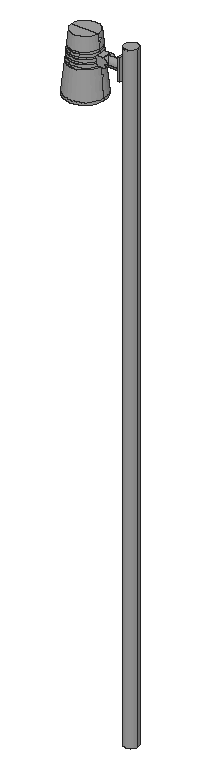
Revit family "Wax", category Lighting Fixtures, Revit 2014
Parameters (values of type "Wax")
  Wattage = 0 W
  WarrantyGuarantorParts = "n/a"
  WarrantyDurationParts = "n/a"
  WarrantyDescription = "n/a"
  built-in parameter 1150110 = 1 (stored number, unit not read)
  Version = "v.1.0"
  Uniclass2 = "Pr_70_70_49_43 Light-Emitting Diode (LED) Luminaires"
  Uniclass 1.4 = "JY73"
  URL = "http://riegens.com/wax"
  TotalWattage = "Max.  "
  built-in parameter 1114217 = 1 (stored number, unit not read)
  Tilt Angle = 90.00°
  built-in parameter 1150109 = 1 (stored number, unit not read)
  built-in parameter 1150134 = 12
  TagNumber = "n/a"
  SustainabilityPerformance = "n/a"
  built-in parameter 1150113 = 1 (stored number, unit not read)
  SupplyCircuitConductorConnections = "n/a"
  Size = "Ø174 mm"
  Shape = "Circle"
  ProductInformation = "http://riegens.com/wax"
  PhotometricPerformance = "In accordance with BS EN 13032-1"
  Photometric Web File = "generic"
  PhaseReference = "IEC recommendations"
  Optic = "Satin matt reflector, clear front glass and light distributions; Super narrow, narrow, flood and wide flood (tilt head)"
  Offset from floor = 2865 mm
  built-in parameter 1150142 = (empty or 0)
  NominalVoltage = "220-240V"
  ModelReference = "Wax"
  Model = "Wax"
  Material = "Aluminium and glass"
  ManufacturersSpecificInformation = "n/a"
  ManufacturerURL = "www.riegens.com"
  Manufacturer = "Riegens A/S"
  Lumens = 0 lm
  LuminaireType = "Outdoor Direct LED Luminaire"
  LuminairePowerFactor = ">0,9"
  built-in parameter 1150115 = 1 (stored number, unit not read)
  built-in parameter 1150105 = (empty or 0)
  LightSource = "LED 3000K / 4000K"
  LightFixturePlacingType = "Pole "
  LightFixtureMountingType = "Pole_side"
  built-in parameter 1150137 = (empty or 0)
  built-in parameter 1150139 = (empty or 0)
  LampType = "LED"
  LampColourRenderingIndex = "Ra>80"
  built-in parameter 1150112 = 1 (stored number, unit not read)
  built-in parameter 1150114 = 1 (stored number, unit not read)
  InternalFuse = "Only required in emergency versions"
  InsulationStandardClass = "Class 2"
  built-in parameter 1150132 = 2
  built-in parameter 1150102 = (empty or 0)
  built-in parameter 1150138 = (empty or 0)
  built-in parameter 1150107 = 4000 (stored number, unit not read)
  built-in parameter 1150106 = (empty or 0)
  IfcExportType = "NOTDEFINED'"
  IfcExportAs = "IfcLightFixtureType'"
  IP_Code = "IP65"
  Height 1 = 265 mm
  HasProtectiveEarth = "TRUE"
  Grade = "n/a"
  Frame = Riegens_Aluminum_powder coated grey
  Finish = "Powder coated"
  Features = "n/a"
  built-in parameter 1150104 = 13.8 (stored number, unit not read)
  Documentation = "See URL hyperlink"
  DocumentReference = "See URL hyperlink"
  Dimming Lamp Color Temperature Shift = <None>
  Diameter 2 = 174 mm
  Diameter 1 = 120 mm
  Description = "70-80-35 General Lighting Systems"
  ControlGearPosition = "Integrated "
  Constituents = "n/a"
  Colour = "Grey / black"
  Color Filter = 16777215
  CodePerformance = "n/a"
  CCSTopnode = "L"
  CCSClassName = "Belysningsarmatur"
  CCSClassCode = "UAC"
  BarCode = "n/a"
  BallastsCELMAEnergyEfficiencyIndex = "Class A1/A2"
  built-in parameter 1114218 = 1 (stored number, unit not read)
  BSAB 96 = "SNB.2"
  BIMObjectName = "Wax.rfa"
  Author = "3dbyggeri"
  built-in parameter 1150133 = 10 (stored number, unit not read)
  AssetType = "Moveable/Fixed"
  AssetIdentifier = "n/a"
  ArticleNumber = "See URL hyperlink"
  Apparent Load = 240 VA
  AccessibilityPerformance = "n/a"
Reference planes
  plane 1 "Light Source Axis (F/B)": y = 0
  plane 2: z = 0
  plane 3 "Light Source Axis (L/R)": x = 0
  plane 4 "Light Source Elevation": z = 2613.158
  plane 5: z = 2865
  plane 6: z = 2600
  plane 7: x = -59.928
  plane 8 "Backside": x = 60.072
  plane 9: x = 86.812
  plane 10: x = -87.188
  plane 11: z = 2790
  plane 12: z = 2750
  plane 13: z = 2820
  plane 14: z = 2720
  plane 15: x = 64.948
  plane 16: x = -65.298
  plane 17: x = 170
  plane 18: x = 180
  plane 19: y = -25
  plane 20: y = 25
  plane 21: x = 100
  plane 22: z = 2770
  plane 23: y = -22
  plane 24: y = 22
  plane 25: z = 2845
  plane 26: y = 0
Forms (mm)
  Revolve 1, solid, material "Riegens_Aluminum_powder coated grey" <- "Frame"
    sketch origin (0, 0, 0) x (1, 0, 0) y (0, 0, 1)
      loop
        line (0, 2865) -> (0, 2650) -> (65.135, 2650) -> (65.135, 2601.513) -> (66.937, 2600) -> (86.812, 2600) -> (86.812, 2609.964) -> (73.736, 2735) -> (70.746, 2735) -> (69.695, 2745) -> (72.685, 2745) -> (71.611, 2755.219) -> (68.611, 2755.219) -> (67.566, 2765.164) -> (70.566, 2765.164) -> (69.52, 2775.11) -> (66.52, 2775.11) -> (65.475, 2785.055) -> (68.475, 2785.055) -> (67.43, 2795) -> (64.44, 2795) -> (63.389, 2805) -> (66.379, 2805) -> (60.072, 2865) -> (0, 2865)
      axis (0, 2600) -> (0, 2865)
    angle from 0 to 360
  Extrusion 2, solid, material "Riegens_Glass_opal"
    sketch origin (0, 0, 0) x (1, 0, 0) y (0, 1, 0)
      loop
        circle (0, 0) r 64.928
    from 2600 to 2613.158
  Extrusion 3, solid, material "Riegens_Aluminum_powder coated grey" <- "Frame"
    sketch origin (0, 0, 0) x (1, 0, 0) y (0, 0, 1)
      loop
        line (170, 2820) -> (170, 2720) -> (180, 2720) -> (180, 2820) -> (170, 2820)
    from -25 to 25
  Extrusion 4, solid, material "Riegens_Aluminum_powder coated grey" <- "Frame"
    sketch origin (0, 0, 0) x (0, 1, 0) y (0, 0, 1)
      loop
        circle (0, 2770) r 20
    from 100 to 170
  Extrusion 5, solid, material "Riegens_Aluminum_powder coated grey" <- "Frame"
    sketch origin (0, 0, 0) x (1, 0, 0) y (0, 0, 1)
      loop
        arc (100, 2750) -> (120, 2770) -> (100, 2790) r 20
        line (100, 2790) -> (0, 2790) -> (0, 2750) -> (100, 2750)
    from -22 to 22
  Extrusion 6, solid
    sketch origin (0, 0, 0) x (0, 1, 0) y (0, 0, 1)
      loop
        circle (0, 2845) r 5
    from 59.948 to 64.948
Dimensions and locks
  "Height 1": plane 5 to plane 6
  "Diameter 1": plane 8 "Backside" to plane 7
  plane 8 "Backside" to imposter light to plane 7 = 60.072 mm, 59.928 mm locked
  "Diameter 2": plane 9 to plane 10
  plane 9 to imposter light to plane 10 = 86.812 mm locked, 87.188 mm
  locked: plane 5 to plane 13 at 45
  locked: plane 5 to plane 11 at 75
  locked: plane 5 to plane 12 at 115
  locked: plane 5 to plane 14 at 145
  locked: plane 9 to plane 15 at 21.865
  locked: plane 16 to plane 10 at 21.889
  plane 18 to plane 17 to imposter light = 10 mm locked, 170 mm locked
  plane 20 to plane 19 = 50 mm
  plane 20 to plane 1 "Light Source Axis (F/B)" to plane 19 = 25 mm locked, 25 mm locked
  locked: plane 18 to plane 21 at 80
  locked: plane 11 to plane 22 at 20
  plane 24 to plane 1 "Light Source Axis (F/B)" to plane 23 = 22 mm locked, 22 mm locked
  "Offset from floor": plane 5 to plane 2
  locked: plane 4 "Light Source Elevation" to plane 6 at 13.158
  locked: plane 5 to plane 25 at 20
  aligned and locked: plane 3 "Light Source Axis (L/R)" to imposter light
  aligned and locked: imposter light to plane 1 "Light Source Axis (F/B)"
  aligned and locked: plane 4 "Light Source Elevation" to imposter light
  aligned and locked: level to plane 2
  aligned and locked: imposter light to Revolve 1 sketch curve
  aligned and locked: Revolve 1 sketch curve to plane 6
  aligned and locked: Revolve 1 sketch curve to plane 5
  aligned and locked: Extrusion 2 to plane 6
  aligned and locked: Extrusion 2 to plane 4 "Light Source Elevation"
  aligned and locked: plane 14 to Extrusion 3 sketch curve
  aligned and locked: Extrusion 3 sketch curve to plane 13
  aligned and locked: plane 17 to Extrusion 3 sketch curve
  aligned and locked: Extrusion 3 sketch curve to plane 18
  aligned and locked: Extrusion 3 to plane 20
  aligned and locked: plane 19 to Extrusion 3
  aligned and locked: plane 17 to Extrusion 4
  aligned and locked: Extrusion 4 to plane 21
  aligned and locked: plane 3 "Light Source Axis (L/R)" to Extrusion 5 sketch curve
  aligned and locked: plane 12 to Extrusion 5 sketch curve
  aligned and locked: Extrusion 5 sketch curve to plane 11
  aligned and locked: Extrusion 5 to plane 24
  aligned and locked: plane 23 to Extrusion 5
  aligned and locked: plane 15 to Extrusion 6
Automatic sketch dimensions
  Revolve 1 sketch curve to plane 3 "Light Source Axis (L/R)" = 0 mm
  Revolve 1 sketch curve to plane 8 "Backside" = 0 mm
  Revolve 1 sketch curve to plane 9 = 0 mm
  plane 8 "Backside" to Revolve 1 sketch curve = 3.316 mm
  plane 8 "Backside" to Revolve 1 sketch curve = 4.367 mm
  plane 8 "Backside" to Revolve 1 sketch curve = 5.062 mm
  plane 8 "Backside" to Revolve 1 sketch curve = 5.403 mm
  Revolve 1 sketch curve to Revolve 1 sketch curve = 2.99 mm  (x4)
  plane 8 "Backside" to Revolve 1 sketch curve = 6.448 mm
  Revolve 1 sketch curve to Revolve 1 sketch curve = 1.803 mm
  plane 8 "Backside" to Revolve 1 sketch curve = 7.493 mm
  Revolve 1 sketch curve to Revolve 1 sketch curve = 3 mm  (x4)
  plane 8 "Backside" to Revolve 1 sketch curve = 8.538 mm
  plane 8 "Backside" to Revolve 1 sketch curve = 9.623 mm
  Revolve 1 sketch curve to Revolve 1 sketch curve = 1.051 mm
  Revolve 1 sketch curve to plane 12 = 5 mm
  Revolve 1 sketch curve to plane 6 = 1.513 mm
  plane 4 "Light Source Elevation" to Revolve 1 sketch curve = 3.195 mm
  Revolve 1 sketch curve to plane 4 "Light Source Elevation" = 36.842 mm
  Revolve 1 sketch curve to Revolve 1 sketch curve = 10 mm  (x2)
  plane 12 to Revolve 1 sketch curve = 5.219 mm
  Revolve 1 sketch curve to Revolve 1 sketch curve = 9.945 mm  (x2)
  Revolve 1 sketch curve to plane 11 = 4.945 mm
  plane 11 to Revolve 1 sketch curve = 5 mm
  plane 6 to Revolve 1 sketch curve = 160 mm
  plane 5 to Revolve 1 sketch curve = 165 mm
  plane 1 "Light Source Axis (F/B)" to Extrusion 2 sketch curve = 0 mm
  Extrusion 2 sketch curve to plane 3 "Light Source Axis (L/R)" = 0 mm
  Extrusion 4 sketch curve to plane 1 "Light Source Axis (F/B)" = 0 mm
  Extrusion 4 sketch curve to plane 22 = 0 mm
  Extrusion 5 sketch curve to plane 21 = 0 mm
  Extrusion 6 sketch curve to plane 1 "Light Source Axis (F/B)" = 0 mm
  Extrusion 6 sketch curve to plane 25 = 0 mm
  radius of Extrusion 2 sketch curve = 64.928 mm
  radius of Extrusion 4 sketch curve = 20 mm
  radius of Extrusion 6 sketch curve = 5 mm
Nested families
  nested 1: "Mast" at (210, 0, 0), type "Mast"
Connectors
  electrical at (64.948, 0, 2845)
    settings: on Extrusion 6, index 1, voltage 0 V, apparent load 0 VA, apparent load phase1 0 VA, apparent load phase2 0 VA, apparent load phase3 0 VA, power factor 1, load classification "Other", number of poles 1, system type 31, power factor state 1, is connector primary yes, connector utility no, sub classification motor no, connector description ""
Definition of nested family "Mast"
  Parameters (values of type "Mast")
    Offset from floor = 2865 mm
    Frame = Riegens_Aluminum_powder coated grey
    Diameter 1 = 60 mm
  Reference planes
    plane 1 "Center (Front/Back)": y = 0
    plane 2: z = 0
    plane 3 "Center (Left/Right)": x = 0
    plane 4: y = 60
    plane 5: y = -60
    plane 6: x = -60
    plane 7: x = 60
  Forms (mm)
    Extrusion 1, solid, material "Riegens_Aluminum_powder coated grey"
      sketch origin (0.006, 0.002, 0) x (1, 0, 0) y (0, 1, 0)
        loop
          circle (0, 0) r 30
      from 0 to 2865
  Dimensions and locks
    "Offset from floor": Extrusion 1 to level
    "Diameter 1": diameter of Extrusion 1
    aligned and locked: level to plane 2
    aligned and locked: Extrusion 1 to level
    aligned and locked: level to Extrusion 1
